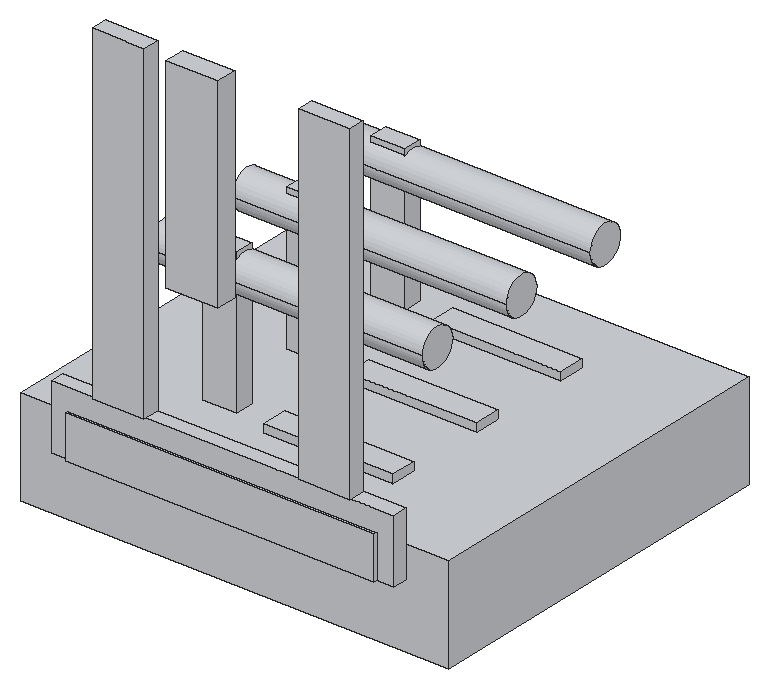
Revit family "GIS_EarthingSwitch", category Modelos genéricos, Revit 2027
Family settings
  Pode hospedar o vergalhão = Não
  Cota do conector redondo = Utilizar diâmetro
  Tipo de parte = Normal
  Com base no plano de trabalho = Não
  Sempre na vertical = Sim
  Corte com vazios quando carregada = Não
  Manter orientação da anotação = Não
  Compartilhado = Não
  Ponto de cálculo do ambiente = Não
Parameters (values of type "GIS_ES_145KV_STUDY")
  Elevação padrão = 0 mm
  BIM_TensaoSecundaria_kV = 0
  BIM_TensaoNominal_kV = 138
  BIM_TensaoClasse_kV = 145
  BIM_TensaoClasseSecundaria_kV = 0
  BIM_Sistema_Elemento [instance] = ""
  BIM_ReferenciaCatalogo = "Portfolio estimate; no model-specific outline drawing supplied"
  BIM_Profundidade = 700 mm
  BIM_Potencia_MVA = 0
  BIM_Localizacao [instance] = ""
  BIM_Largura = 800 mm
  BIM_Impedancia_pu = 0
  BIM_FonteGeometria = "Portfolio estimate; no model-specific outline drawing supplied"
  BIM_Fabricante = "NAO SELECIONADO"
  BIM_EstadoGeometria = "ESTIMATED"
  BIM_EstadoEspecificacao = "PREMISSA / NAO SELECIONADO"
  BIM_DescricaoEstudo = "Chave de aterramento GIS conceitual; capacidade de fechamento pendente."
  BIM_CorrenteReferenciaSecundaria_A = 0
  BIM_CorrenteNominal_A = 0
  BIM_Bay [instance] = ""
  BIM_AlturaCorpoPrincipal = 180 mm
  BIM_Altura = 1000 mm
Reference planes
  plane 1 "Centro (Frente/Trás)": y = 0
  plane 2: z = 0
  plane 3 "Centro (Esquerda/Direita)": x = 0
  plane 4 "BIM Left": x = -400
  plane 5 "BIM Right": x = 400
  plane 6 "BIM Front": y = -350
  plane 7 "BIM Back": y = 350
Forms (mm)
  Extrusion 1, solid
    sketch origin (0, 0, 0) x (1, 0, 0) y (0, 1, 0)
      loop
        line (-400, -350) -> (400, -350) -> (400, 350) -> (-400, 350) -> (-400, -350)
    from 0 to 180 <- "BIM_AlturaCorpoPrincipal"
  Extrusion 2, solid
    sketch origin (0, 0, 120) x (1, 0, 0) y (0, 1, 0)
      loop
        line (-320, -377.432) -> (320, -377.432) -> (320, -350) -> (-320, -350) -> (-320, -377.432)
    from 0 to 120
  Extrusion 3, solid
    sketch origin (0, 0, 240) x (1, 0, 0) y (0, 1, 0)
      loop
        line (-240, -380.48) -> (-144, -380.48) -> (-144, -350) -> (-240, -350) -> (-240, -380.48)
    from 0 to 620
  Extrusion 4, solid
    sketch origin (0, 0, 240) x (1, 0, 0) y (0, 1, 0)
      loop
        line (144, -380.48) -> (240, -380.48) -> (240, -350) -> (144, -350) -> (144, -380.48)
    from 0 to 620
  Extrusion 5, solid
    sketch origin (0, 0, 480) x (1, 0, 0) y (0, 1, 0)
      loop
        line (-96, -389.624) -> (0, -389.624) -> (0, -350) -> (-96, -350) -> (-96, -389.624)
    from 0 to 380
  Extrusion 6, solid
    sketch origin (0, 0, 120) x (1, 0, 0) y (0, 1, 0)
      loop
        line (-288, -383.528) -> (288, -383.528) -> (288, -350) -> (-288, -350) -> (-288, -383.528)
    from 0 to 80
  Extrusion 7, solid
    sketch origin (-256, -196, 420) x (0, 1, 0) y (0, 0, 1)
      loop
        circle (0, 0) r 35
    from 0 to 512
  Extrusion 8, solid
    sketch origin (0, 0, 140) x (1, 0, 0) y (0, 1, 0)
      loop
        line (-48, -220.5) -> (192, -220.5) -> (192, -171.5) -> (-48, -171.5) -> (-48, -220.5)
    from 0 to 55
  Extrusion 9, solid
    sketch origin (0, 0, 190) x (1, 0, 0) y (0, 1, 0)
      loop
        line (-168, -213.5) -> (-104, -213.5) -> (-104, -178.5) -> (-168, -178.5) -> (-168, -213.5)
    from 0 to 270
  Extrusion 10, solid
    sketch origin (-256, 0, 420) x (0, 1, 0) y (0, 0, 1)
      loop
        circle (0, 0) r 35
    from 0 to 512
  Extrusion 11, solid
    sketch origin (0, 0, 140) x (1, 0, 0) y (0, 1, 0)
      loop
        line (-48, -24.5) -> (192, -24.5) -> (192, 24.5) -> (-48, 24.5) -> (-48, -24.5)
    from 0 to 55
  Extrusion 12, solid
    sketch origin (0, 0, 190) x (1, 0, 0) y (0, 1, 0)
      loop
        line (-168, -17.5) -> (-104, -17.5) -> (-104, 17.5) -> (-168, 17.5) -> (-168, -17.5)
    from 0 to 270
  Extrusion 13, solid
    sketch origin (-256, 196, 420) x (0, 1, 0) y (0, 0, 1)
      loop
        circle (0, 0) r 35
    from 0 to 512
  Extrusion 14, solid
    sketch origin (0, 0, 140) x (1, 0, 0) y (0, 1, 0)
      loop
        line (-48, 171.5) -> (192, 171.5) -> (192, 220.5) -> (-48, 220.5) -> (-48, 171.5)
    from 0 to 55
  Extrusion 15, solid
    sketch origin (0, 0, 190) x (1, 0, 0) y (0, 1, 0)
      loop
        line (-168, 178.5) -> (-104, 178.5) -> (-104, 213.5) -> (-168, 213.5) -> (-168, 178.5)
    from 0 to 270
Dimensions and locks
  "BIM_Largura": plane 4 "BIM Left" to plane 5 "BIM Right"
  "BIM_Profundidade": plane 6 "BIM Front" to plane 7 "BIM Back"
  aligned and locked: level to plane 2
  aligned and locked: plane 4 "BIM Left" to Extrusion 1
  aligned and locked: Extrusion 1 to plane 5 "BIM Right"
  aligned and locked: Extrusion 1 to plane 6 "BIM Front"
  aligned and locked: plane 7 "BIM Back" to Extrusion 1
Automatic sketch dimensions
  Extrusion 1 sketch curve to plane 4 "BIM Left" = 0 mm
  Extrusion 1 sketch curve to plane 5 "BIM Right" = 0 mm
  Extrusion 1 sketch curve to plane 6 "BIM Front" = 0 mm
  Extrusion 1 sketch curve to plane 7 "BIM Back" = 0 mm
  Extrusion 2 sketch curve to plane 6 "BIM Front" = 0 mm
  Extrusion 2 sketch curve to plane 6 "BIM Front" = 27.432 mm
  Extrusion 2 sketch curve to plane 4 "BIM Left" = 80 mm
  plane 5 "BIM Right" to Extrusion 2 sketch curve = 80 mm
  Extrusion 3 sketch curve to plane 6 "BIM Front" = 0 mm
  Extrusion 3 sketch curve to plane 6 "BIM Front" = 30.48 mm
  Extrusion 3 sketch curve to plane 4 "BIM Left" = 160 mm
  Extrusion 3 sketch curve to Extrusion 3 sketch curve = 96 mm
  Extrusion 4 sketch curve to plane 6 "BIM Front" = 0 mm
  Extrusion 4 sketch curve to plane 6 "BIM Front" = 30.48 mm
  plane 3 "Centro (Esquerda/Direita)" to Extrusion 4 sketch curve = 144 mm
  Extrusion 4 sketch curve to Extrusion 4 sketch curve = 96 mm
  Extrusion 5 sketch curve to plane 6 "BIM Front" = 0 mm
  Extrusion 5 sketch curve to plane 3 "Centro (Esquerda/Direita)" = 0 mm
  Extrusion 5 sketch curve to plane 6 "BIM Front" = 39.624 mm
  Extrusion 5 sketch curve to plane 3 "Centro (Esquerda/Direita)" = 96 mm
  Extrusion 6 sketch curve to plane 6 "BIM Front" = 0 mm
  Extrusion 6 sketch curve to plane 6 "BIM Front" = 33.528 mm
  Extrusion 6 sketch curve to plane 4 "BIM Left" = 112 mm
  plane 5 "BIM Right" to Extrusion 6 sketch curve = 112 mm
  Extrusion 7 sketch curve to Extrusion 7 sketch curve = 0 mm  (x2)
  plane 6 "BIM Front" to Extrusion 7 sketch curve = 154 mm
  level to Extrusion 7 sketch curve = 420 mm
  Extrusion 7 sketch curve to Extrusion 7 sketch curve = 35 mm
  Extrusion 8 sketch curve to plane 3 "Centro (Esquerda/Direita)" = 48 mm
  plane 3 "Centro (Esquerda/Direita)" to Extrusion 8 sketch curve = 192 mm
  plane 6 "BIM Front" to Extrusion 8 sketch curve = 129.5 mm
  Extrusion 8 sketch curve to Extrusion 8 sketch curve = 49 mm
  Extrusion 9 sketch curve to plane 3 "Centro (Esquerda/Direita)" = 168 mm
  Extrusion 9 sketch curve to Extrusion 9 sketch curve = 64 mm
  plane 6 "BIM Front" to Extrusion 9 sketch curve = 136.5 mm
  Extrusion 9 sketch curve to Extrusion 9 sketch curve = 35 mm
  Extrusion 10 sketch curve to Extrusion 10 sketch curve = 0 mm  (x2)
  Extrusion 10 sketch curve to plane 1 "Centro (Frente/Trás)" = 0 mm
  level to Extrusion 10 sketch curve = 420 mm
  plane 1 "Centro (Frente/Trás)" to Extrusion 10 sketch curve = 35 mm
  Extrusion 11 sketch curve to plane 3 "Centro (Esquerda/Direita)" = 48 mm
  Extrusion 11 sketch curve to plane 1 "Centro (Frente/Trás)" = 24.5 mm
  plane 3 "Centro (Esquerda/Direita)" to Extrusion 11 sketch curve = 192 mm
  plane 1 "Centro (Frente/Trás)" to Extrusion 11 sketch curve = 24.5 mm
  plane 1 "Centro (Frente/Trás)" to Extrusion 12 sketch curve = 17.5 mm
  Extrusion 12 sketch curve to plane 3 "Centro (Esquerda/Direita)" = 168 mm
  Extrusion 12 sketch curve to plane 1 "Centro (Frente/Trás)" = 17.5 mm
  Extrusion 12 sketch curve to Extrusion 12 sketch curve = 64 mm
  Extrusion 13 sketch curve to Extrusion 13 sketch curve = 0 mm  (x2)
  Extrusion 13 sketch curve to plane 7 "BIM Back" = 154 mm
  level to Extrusion 13 sketch curve = 420 mm
  Extrusion 13 sketch curve to Extrusion 13 sketch curve = 35 mm
  Extrusion 14 sketch curve to plane 3 "Centro (Esquerda/Direita)" = 48 mm
  plane 3 "Centro (Esquerda/Direita)" to Extrusion 14 sketch curve = 192 mm
  Extrusion 14 sketch curve to plane 1 "Centro (Frente/Trás)" = 171.5 mm
  Extrusion 14 sketch curve to Extrusion 14 sketch curve = 49 mm
  Extrusion 15 sketch curve to plane 3 "Centro (Esquerda/Direita)" = 168 mm
  Extrusion 15 sketch curve to Extrusion 15 sketch curve = 64 mm
  Extrusion 15 sketch curve to plane 7 "BIM Back" = 171.5 mm
  Extrusion 15 sketch curve to Extrusion 15 sketch curve = 35 mm
